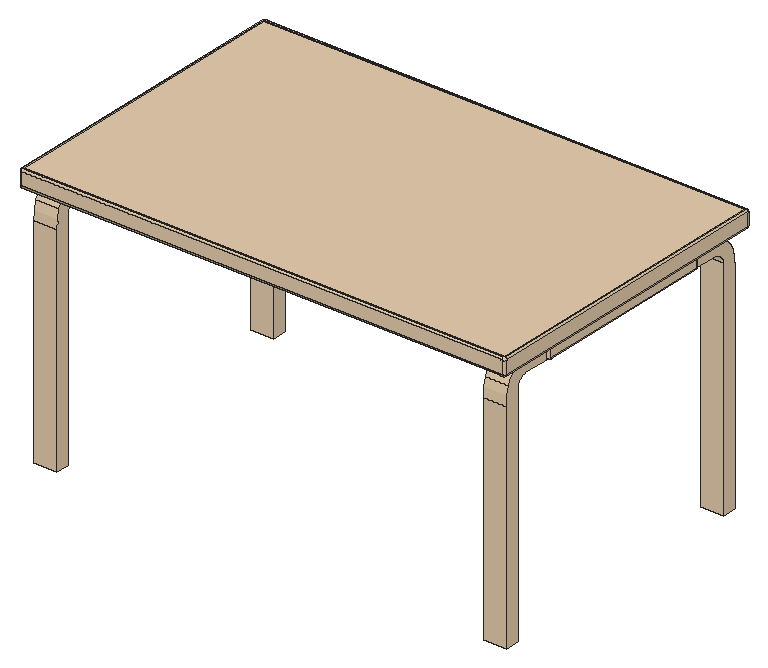
Revit family "Artek_Tables_Aalto Table rectangular_Aalto Table rectangular 82B", category Furniture, Revit 2017
Family settings
  OmniClass Number = 23.40.20.14.17.11
  OmniClass Title = Dining Room Tables
  Work Plane-Based = No
  Always vertical = Yes
  Cut with Voids When Loaded = No
  Shared = No
  Room Calculation Point = No
Parameters (values of type "Aalto Table rectangular 82B Birch")
  WarrantyStartDate [instance] = "n/a"
  WarrantyGuarantorParts = "n/a"
  WarrantyGuarantorLabor = "n/a"
  WarrantyDurationUnit = "n/a"
  WarrantyDurationParts = "n/a"
  WarrantyDurationLabor = "n/a"
  WarrantyDescription = "n/a"
  VersionDate = "03/11/2020"  # constant formula
  Version = "1"  # constant formula
  Uniclass2015Reference = "Pr_40_50_21_22"
  Uniclass2015Description = "Dining tables"
  Uniclass2 = "Pr_40_50_21_21"
  URL = "https://www.artek.fi/en/products/aalto-table-rectangular"
  Type Comments = ""
  TagNumber [instance] = "n/a"
  TableSecondaryMaterial = Natural Birch
  TableMainMaterial = Natural Birch
  SustainabilityPerformance = "n/a"
  Style = "n/a"
  Size = "1350x740x850 mm "  # constant formula
  Shape = "Sculptured"
  SerialNumber [instance] = "n/a"
  Revision = "n/a"
  ReplacementCost = "n/a"
  ProductInformation = "n/a"
  NominalLength = 1350 mm
  NominalHeight = 740 mm
  NominalDepth = 850 mm
  Name = "Aalto Table rectangular 82B\r\n"  # constant formula
  NBSReference = "45-35-86/327"
  NBSDescription = "Tables"
  ModelReference = "n/a"
  ModelNumber = "28300681"
  Material = "Wood"
  ManufacturerURL = "https://www.artek.fi/"
  ManufacturerName = "Artek"
  Model = "Aalto Table rectangular 82B Birch"
  Manufacturer = "Artek"
  MainColor = "Natural birch"
  InstallationDate [instance] = "n/a"
  IfcExportType = "TABLE"  # constant formula
  IfcExportAs = "IfcFurnishingElementType"  # constant formula
  Grade = "n/a"
  Finish = "n/a"
  Features = "n/a"
  ExpectedLife = "n/a"
  DurationUnit = "n/a"
  Designer = "Alvar Aalto"
  Cost = 0
  ConvergoRefNr = "0190-2009-0013-FI\t\t\r\n"  # constant formula
  Constituents = "n/a"
  Color = MainColor  # "Natural birch"
  CodePerformance = "n/a"
  Barcode [instance] = "n/a"
  AssetIdentifier [instance] = "n/a"
  Category = "Tables"
  Brand = "Artek"
  BIMObjectName = "Artek_Tables_Aalto Table rectangular_Aalto Table rectangular 82B\r\n"  # constant formula
  Author = "Convergo AB"  # constant formula
  AssetType = "Movable"
  AccessibilityPerformance = "n/a"
Types (6, lengths in mm): name | TableSecondaryMaterial | TableMainMaterial | ModelNumber | Model | MainColor | Color
  (no name) | Natural Birch | Natural Birch | "28300681" | "Aalto Table rectangular 82B Birch" | "Natural birch" | "Natural birch"
  Aalto Table rectangular 82B Birch | Natural Birch | Natural Birch | "28300681" | "Aalto Table rectangular 82B Birch" | "Natural birch" | "Natural birch"
  Aalto Table rectangular 82B White laminate | Natural Birch | White Laminate | "28300682" | "Aalto Table rectangular 82B White laminate" | "Natural birch" | "Natural birch"
  Aalto Table rectangular 82B Linoleum black leg black | Black Linoleum | Black Linoleum | "28300684" | "Aalto Table rectangular 82B Linoleum black leg black" | "Black" | "Black"
  Aalto Table rectangular 82B White HPL leg white | White Laminate | White Laminate | "28300685" | "Aalto Table rectangular 82B White HPL leg white" | "White" | "White"
  Aalto Table rectangular 82B Black linoleum | Natural Birch | Black Linoleum | "28300683" | "Aalto Table rectangular 82B Black linoleum" | "Natural birch" | "Natural birch"
Reference planes
  plane 1 "Center (Front/Back)": y = 0
  plane 2: z = 0
  plane 3 "Center (Left/Right)": x = 0
  plane 4: x = -675
  plane 5: x = 675
  plane 6: y = -425
  plane 7: y = 425
  plane 8: z = 740
Dimensions and locks
  equal spacing: plane 4, plane 3 "Center (Left/Right)", plane 5
  "NominalLength": plane 4 to plane 5
  equal spacing: plane 7, plane 1 "Center (Front/Back)", plane 6
  "NominalDepth": plane 7 to plane 6
  "NominalHeight": plane 8 to level
  aligned and locked: level to plane 2
Nested families
  nested 1: "82B" at (0, 0, 0), Material 1 <- "TableMainMaterial", Material 2 <- "TableSecondaryMaterial", type "82B"
    with Material 2 Natural Birch, Material 1 Natural Birch
Definition of nested family "82B"
  Parameters (values of type "82B")
    Material 2 [instance] = none
    Material 1 [instance] = none
  Reference planes
    plane 1 "Center (Front/Back)": y = 0
    plane 2: z = 0
    plane 3 "Center (Left/Right)": x = 0
    plane 4: x = -675
    plane 5: x = 675
    plane 6: z = 740
    plane 7: z = 693
    plane 8: y = 425
    plane 9: y = -425
  Forms (mm)
    Extrusion 1, solid, material <- "Material 2", detail levels medium+fine
      sketch origin (0, 0, 0) x (1, 0, 0) y (0, 1, 0)
        loop
          arc (-669, 425) -> (-673.243, 423.243) -> (-675, 419) r 6
          line (-675, 419) -> (-675, -419)
          arc (-675, -419) -> (-673.243, -423.243) -> (-669, -425) r 6
          line (-669, -425) -> (669, -425)
          arc (669, -425) -> (673.243, -423.243) -> (675, -419) r 6
          line (675, -419) -> (675, 419)
          arc (675, 419) -> (673.243, 423.243) -> (669, 425) r 6
          line (669, 425) -> (-669, 425)
        loop
          line (-669, 419) -> (-669, -419) -> (669, -419) -> (669, 419) -> (-669, 419)
      from 693 to 740
    Extrusion 2, solid, material <- "Material 1", detail levels coarse
      sketch origin (0, 0, 0) x (1, 0, 0) y (0, 1, 0)
        loop
          line (-675, 425) -> (-675, -425) -> (675, -425) -> (675, 425) -> (-675, 425)
      from 0 to 740
    Sweep 3, void
      path in 3D
        loop
          arc (-669, 425, 740) -> (-673.243, 423.243, 740) -> (-675, 419, 740) r 6
          line (-675, 419, 740) -> (-675, -419, 740)
          arc (-675, -419, 740) -> (-673.243, -423.243, 740) -> (-669, -425, 740) r 6
          line (-669, -425, 740) -> (669, -425, 740)
          arc (669, -425, 740) -> (673.243, -423.243, 740) -> (675, -419, 740) r 6
          line (675, -419, 740) -> (675, 419, 740)
          arc (675, 419, 740) -> (673.243, 423.243, 740) -> (669, 425, 740) r 6
          line (669, 425, 740) -> (-669, 425, 740)
      profile origin (0, 425, 740) x (0, -1, 0) y (0, 0, 1)
        loop
          line (0, 0) -> (0, -5)
          arc (0, -5) -> (1.464, -1.464) -> (5, 0) r 5
          line (5, 0) -> (0, 0)
        loop
          line (0, -47) -> (5, -47)
          arc (5, -47) -> (1.464, -45.536) -> (0, -42) r 5
          line (0, -42) -> (0, -47)
    Extrusion 4, solid, material <- "Material 2", detail levels medium+fine
      sketch origin (-619.5, 67, 0) x (0, 1, 0) y (0, 0, 1)
        loop
          line (183.1, 693) -> (183.1, 658) -> (261, 658)
          arc (261, 658) -> (282.213, 649.213) -> (291, 628) r 30
          line (291, 628) -> (291, 0) -> (330, 0) -> (330, 603.2)
          arc (330, 603.2) -> (327.859, 627.672) -> (321.5, 651.4) r 140.911
          arc (321.5, 651.4) -> (301.996, 679.039) -> (271.183, 693) r 64.479
          line (271.183, 693) -> (183.1, 693)
      from -37.5 to 26.5
    Extrusion 5, solid, material <- "Material 2", detail levels medium+fine
      sketch origin (0, 0, 0) x (1, 0, 0) y (0, 1, 0)
        loop
          line (633, -259) -> (659.5, -259)
          arc (659.5, -259) -> (663.389, -257.389) -> (665, -253.5) r 5.5
          line (665, -253.5) -> (665, 253.5)
          arc (665, 253.5) -> (663.389, 257.389) -> (659.5, 259) r 5.5
          line (659.5, 259) -> (633, 259) -> (633, -259)
        loop
          line (-633, -259) -> (-633, 259) -> (-659.5, 259)
          arc (-659.5, 259) -> (-663.389, 257.389) -> (-665, 253.5) r 5.5
          line (-665, 253.5) -> (-665, -253.5)
          arc (-665, -253.5) -> (-663.389, -257.389) -> (-659.5, -259) r 5.5
          line (-659.5, -259) -> (-633, -259)
      from 661 to 693
    Sweep 6, void
      path in 3D
        loop
          line (633, 259, 661) -> (659.5, 259, 661)
          arc (659.5, 259, 661) -> (663.389, 257.389, 661) -> (665, 253.5, 661) r 5.5
          line (665, 253.5, 661) -> (665, -253.5, 661)
          arc (665, -253.5, 661) -> (663.389, -257.389, 661) -> (659.5, -259, 661) r 5.5
          line (659.5, -259, 661) -> (633, -259, 661)
      profile origin (665, 0, 661) x (-1, 0, 0) y (0, 0, -1)
        loop
          line (0, 0) -> (0, -2)
          arc (0, -2) -> (0.586, -0.586) -> (2, 0) r 2
          line (2, 0) -> (0, 0)
    Sweep 7, void
      path in 3D
        loop
          line (-633, -259, 661) -> (-659.5, -259, 661)
          arc (-659.5, -259, 661) -> (-663.389, -257.389, 661) -> (-665, -253.5, 661) r 5.5
          line (-665, -253.5, 661) -> (-665, 253.5, 661)
          arc (-665, 253.5, 661) -> (-663.389, 257.389, 661) -> (-659.5, 259, 661) r 5.5
          line (-659.5, 259, 661) -> (-633, 259, 661)
      profile origin (-665, 0, 661) x (1, 0, 0) y (0, 0, -1)
        loop
          line (0, 0) -> (0, -2)
          arc (0, -2) -> (0.586, -0.586) -> (2, 0) r 2
          line (2, 0) -> (0, 0)
    Extrusion 8, solid, material <- "Material 2", detail levels medium+fine
      sketch origin (0, 0, 0) x (1, 0, 0) y (0, 1, 0)
        loop
          line (-669, -419) -> (669, -419) -> (669, 419) -> (-669, 419) -> (-669, -419)
      from 693 to 740
    Extrusion 9, solid, material <- "Material 2", detail levels medium+fine
      sketch origin (-619.5, -67, 0) x (0, -1, 0) y (0, 0, -1)
        loop
          line (183.1, -693) -> (271.183, -693)
          arc (271.183, -693) -> (301.996, -679.039) -> (321.5, -651.4) r 64.479
          arc (321.5, -651.4) -> (327.859, -627.672) -> (330, -603.2) r 140.911
          line (330, -603.2) -> (330, 0) -> (291, 0) -> (291, -628)
          arc (291, -628) -> (282.213, -649.213) -> (261, -658) r 30
          line (261, -658) -> (183.1, -658) -> (183.1, -693)
      from -37.5 to 26.5
    Extrusion 10, solid, material <- "Material 2", detail levels medium+fine
      sketch origin (619.5, 67, 0) x (0, 1, 0) y (0, 0, -1)
        loop
          line (183.1, -693) -> (271.183, -693)
          arc (271.183, -693) -> (301.996, -679.039) -> (321.5, -651.4) r 64.479
          arc (321.5, -651.4) -> (327.859, -627.672) -> (330, -603.2) r 140.911
          line (330, -603.2) -> (330, 0) -> (291, 0) -> (291, -628)
          arc (291, -628) -> (282.213, -649.213) -> (261, -658) r 30
          line (261, -658) -> (183.1, -658) -> (183.1, -693)
      from -37.5 to 26.5
    Extrusion 11, solid, material <- "Material 2", detail levels medium+fine
      sketch origin (619.5, -67, 0) x (0, -1, 0) y (0, 0, 1)
        loop
          line (183.1, 693) -> (183.1, 658) -> (261, 658)
          arc (261, 658) -> (282.213, 649.213) -> (291, 628) r 30
          line (291, 628) -> (291, 0) -> (330, 0) -> (330, 603.2)
          arc (330, 603.2) -> (327.859, 627.672) -> (321.5, 651.4) r 140.911
          arc (321.5, 651.4) -> (301.996, 679.039) -> (271.183, 693) r 64.479
          line (271.183, 693) -> (183.1, 693)
      from -37.5 to 26.5
  Cuts and joins
    Sweep 6, Sweep 7 cuts Extrusion 5
    Sweep 3 cuts Extrusion 1
  Lines and regions (mm)
    symbolic lines, detail levels medium+fine
      curve 1: line (0, 425, 0) -> (-670, 425, 0)
      curve 2: line (-675, 420, 0) -> (-675, -420, 0)
      curve 3: line (-670, -425, 0) -> (0, -425, 0)
      curve 4: arc (-670, 425, 0) -> (-673.536, 423.536, 0) -> (-675, 420, 0) r 5
      curve 5: arc (-675, -420, 0) -> (-673.536, -423.536, 0) -> (-670, -425, 0) r 5
      curve 6: line (0, 425, 0) -> (670, 425, 0)
      curve 7: line (675, 420, 0) -> (675, -420, 0)
      curve 8: line (670, -425, 0) -> (0, -425, 0)
      curve 9: arc (670, 425, 0) -> (673.536, 423.536, 0) -> (675, 420, 0) r 5
      curve 10: arc (675, -420, 0) -> (673.536, -423.536, 0) -> (670, -425, 0) r 5
      curve 11: line (0, 0, 740) -> (-670, 0, 740)
      curve 12: line (-675, 0, 735) -> (-675, 0, 698)
      curve 13: line (-670, 0, 693) -> (-665, 0, 693)
      curve 14: line (-593, 0, 693) -> (-593, 0, 0)
      curve 15: line (-593, 0, 0) -> (-657, 0, 0)
      curve 16: line (-657, 0, 0) -> (-657, 0, 661)
      curve 17: line (-657, 0, 661) -> (-663, 0, 661)
      curve 21: line (-593, 0, 693) -> (0, 0, 693)
      curve 22: line (0, -420, 740) -> (0, 420, 740)
      curve 23: line (0, 425, 735) -> (0, 425, 698)
      curve 24: line (0, 420, 693) -> (0, 338.183, 693)
      curve 33: arc (0, 420, 740) -> (0, 423.536, 738.536) -> (0, 425, 735) r 5
      curve 34: arc (0, 425, 698) -> (0, 423.536, 694.464) -> (0, 420, 693) r 5
      curve 35: arc (-670, 0, 740) -> (-673.536, 0, 738.536) -> (-675, 0, 735) r 5
      curve 36: arc (-675, 0, 698) -> (-673.536, 0, 694.464) -> (-670, 0, 693) r 5
      curve 37: line (0, 397, 603.2) -> (0, 397, 0)
      curve 38: line (0, 397, 0) -> (0, 358, 0)
      curve 39: line (0, 358, 0) -> (0, 358, 628)
      curve 40: line (0, 328, 658) -> (0, 250.1, 658)
      curve 41: line (0, 250.1, 658) -> (0, 250.1, 661)
      curve 45: line (0, -250.1, 661) -> (0, 250.1, 661)
      curve 46: line (-665, 0, 663) -> (-665, 0, 693)
      curve 47: arc (-663, 0, 661) -> (-664.414, 0, 661.586) -> (-665, 0, 663) r 2
      curve 54: line (0, 0, 740) -> (670, 0, 740)
      curve 55: line (593, 0, 693) -> (0, 0, 693)
      curve 61: line (675, 0, 735) -> (675, 0, 698)
      curve 62: line (670, 0, 693) -> (665, 0, 693)
      curve 63: line (593, 0, 693) -> (593, 0, 0)
      curve 64: line (593, 0, 0) -> (657, 0, 0)
      curve 65: line (657, 0, 0) -> (657, 0, 661)
      curve 66: line (657, 0, 661) -> (663, 0, 661)
      curve 70: arc (670, 0, 740) -> (673.536, 0, 738.536) -> (675, 0, 735) r 5
      curve 71: arc (675, 0, 698) -> (673.536, 0, 694.464) -> (670, 0, 693) r 5
      curve 72: line (665, 0, 663) -> (665, 0, 693)
      curve 73: arc (663, 0, 661) -> (664.414, 0, 661.586) -> (665, 0, 663) r 2
      curve 74: arc (0, 388.5, 651.4) -> (0, 394.859, 627.672) -> (0, 397, 603.2) r 140.911
      curve 75: arc (0, 338.183, 693) -> (0, 368.996, 679.039) -> (0, 388.5, 651.4) r 64.479
      curve 76: arc (0, 358, 628) -> (0, 349.213, 649.213) -> (0, 328, 658) r 30
      curve 77: line (0, -425, 735) -> (0, -425, 698)
      curve 78: line (0, -420, 693) -> (0, -338.183, 693)
      curve 79: arc (0, -420, 740) -> (0, -423.536, 738.536) -> (0, -425, 735) r 5
      curve 80: arc (0, -425, 698) -> (0, -423.536, 694.464) -> (0, -420, 693) r 5
      curve 81: line (0, -397, 603.2) -> (0, -397, 0)
      curve 82: line (0, -397, 0) -> (0, -358, 0)
      curve 83: line (0, -358, 0) -> (0, -358, 628)
      curve 84: line (0, -328, 658) -> (0, -250.1, 658)
      curve 85: line (0, -250.1, 658) -> (0, -250.1, 661)
      curve 89: arc (0, -388.5, 651.4) -> (0, -394.859, 627.672) -> (0, -397, 603.2) r 140.911
      curve 90: arc (0, -338.183, 693) -> (0, -368.996, 679.039) -> (0, -388.5, 651.4) r 64.479
      curve 91: arc (0, -358, 628) -> (0, -349.213, 649.213) -> (0, -328, 658) r 30
    symbolic lines, detail levels fine
      curve 18: line (-657, 0, 661) -> (-657, 0, 693)
      curve 19: line (-665, 0, 693) -> (-657, 0, 693)
      curve 20: line (-657, 0, 693) -> (-593, 0, 693)
      curve 42: line (0, -338.183, 693) -> (0, 338.183, 693)
      curve 43: line (0, 259, 663) -> (0, 259, 693)
      curve 44: line (0, 250.1, 661) -> (0, 257, 661)
      curve 53: arc (0, 259, 663) -> (0, 258.414, 661.586) -> (0, 257, 661) r 2
      curve 67: line (657, 0, 661) -> (657, 0, 693)
      curve 68: line (665, 0, 693) -> (657, 0, 693)
      curve 69: line (657, 0, 693) -> (593, 0, 693)
      curve 86: line (0, -259, 663) -> (0, -259, 693)
      curve 87: line (0, -250.1, 661) -> (0, -257, 661)
      curve 88: arc (0, -259, 663) -> (0, -258.414, 661.586) -> (0, -257, 661) r 2
    sketch lines
      curve 25: line (669, 425, 740) -> (-669, 425, 740)
      curve 26: arc (-675, 419, 740) -> (-673.243, 423.243, 740) -> (-669, 425, 740) r 6
      curve 27: line (-675, 419, 740) -> (-675, -419, 740)
      curve 28: arc (-669, -425, 740) -> (-673.243, -423.243, 740) -> (-675, -419, 740) r 6
      curve 29: line (-669, -425, 740) -> (669, -425, 740)
      curve 30: arc (669, 425, 740) -> (673.243, 423.243, 740) -> (675, 419, 740) r 6
      curve 31: line (675, -419, 740) -> (675, 419, 740)
      curve 32: arc (675, -419, 740) -> (673.243, -423.243, 740) -> (669, -425, 740) r 6
      curve 48: line (665, 253.5, 661) -> (665, -253.5, 661)
      curve 49: arc (665, 253.5, 661) -> (663.389, 257.389, 661) -> (659.5, 259, 661) r 5.5
      curve 50: line (633, 259, 661) -> (659.5, 259, 661)
      curve 51: arc (659.5, -259, 661) -> (663.389, -257.389, 661) -> (665, -253.5, 661) r 5.5
      curve 52: line (659.5, -259, 661) -> (633, -259, 661)
      curve 56: line (-665, -253.5, 661) -> (-665, 253.5, 661)
      curve 57: arc (-659.5, 259, 661) -> (-663.389, 257.389, 661) -> (-665, 253.5, 661) r 5.5
      curve 58: line (-659.5, 259, 661) -> (-633, 259, 661)
      curve 59: arc (-665, -253.5, 661) -> (-663.389, -257.389, 661) -> (-659.5, -259, 661) r 5.5
      curve 60: line (-633, -259, 661) -> (-659.5, -259, 661)
  Dimensions and locks
    plane 6 to level = 740 mm
    aligned and locked: level to plane 2
